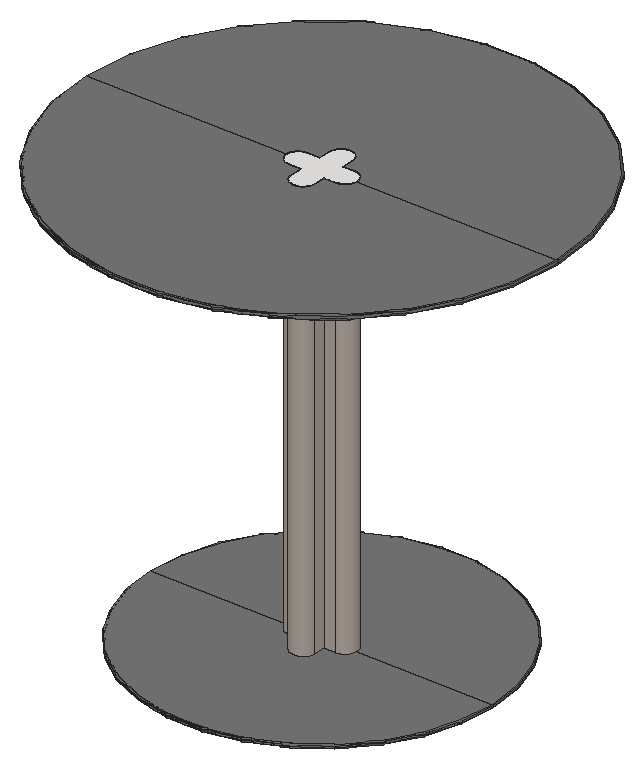
Revit family "Patch +", category Furniture, Revit 2015
Parameters
  Weight = 11.80 kg  # constant formula
  URL = "http://www.loookindustries.com/en/component/djcatalog2/item/1-default/16-area"
  Sign Colour [instance] = RAL 120-1 Effect - White
  Model = "Patch +"  # constant formula
  Manufacturer = "Loook Industries Ltd."  # constant formula
  Main Colour [instance] = RAL 790-4 Effect - Black
  Keynote = "5111"
  Height = 500 mm  # constant formula
  Diameter = 550 mm  # constant formula
  Design by = "IVAR GESTRANIUS & KEVIN LAHTINEN"  # constant formula
  BIM Author = "Mika Leinonen - mikaleinonen@outlook.com"  # constant formula
Reference planes
  plane 1 "Center (Front/Back)": y = 0
  plane 2 "Bottom": z = 0
  plane 3 "Center (Left/Right)": x = 0
  plane 4 "Front": y = -275
  plane 5 "Left": x = -275
  plane 6 "Back": y = 275
  plane 7 "Right": x = 275
  plane 8 "Top": z = 500
  plane 9 "Center (Elevation)": z = 250
Dimensions and locks
  equal spacing: plane 5 "Left", plane 3 "Center (Left/Right)", plane 7 "Right"
  equal spacing: plane 6 "Back", plane 1 "Center (Front/Back)", plane 4 "Front"
  "Diameter": plane 5 "Left" to plane 7 "Right"
  "Diameter": plane 6 "Back" to plane 4 "Front"
  equal spacing: plane 8 "Top", plane 9 "Center (Elevation)", plane 2 "Bottom"
  "Height": plane 8 "Top" to plane 2 "Bottom"
  aligned and locked: level to plane 2 "Bottom"
  aligned and locked: plane 3 "Center (Left/Right)" to nested 1
  aligned and locked: plane 1 "Center (Front/Back)" to nested 1
  aligned and locked: plane 1 "Center (Front/Back)" to nested 2
  aligned and locked: plane 3 "Center (Left/Right)" to nested 2
  aligned and locked: plane 8 "Top" to nested 2
Nested families
  nested 1: "Patch - Table Base +" at (0, 0, 0), Main Colour <- "Main Colour", Sign Colour <- "Sign Colour", type "Patch - Table Base +"
    with Sign Colour RAL 120-1 Effect - White, Main Colour RAL 790-4 Effect - Black
  nested 2: "Patch - Table Top +" at (0, 0, 495), Colour <- "Main Colour", type "Patch - Table Top +"
    with Colour RAL 790-4 Effect - Black
Definition of nested family "Patch - Table Base +"
  Parameters (values of type "Patch - Table Base +")
    Sign Colour [instance] = none
    Manufacturer = "Loook Industries Ltd."
    Main Colour [instance] = none
    Height = 500 mm  # constant formula
    Diameter = 400 mm  # constant formula
    Design by = "IVAR GESTRANIUS & KEVIN LAHTINEN"  # constant formula
    BIM Author = "Mika Leinonen - mikaleinonen@outlook.com"  # constant formula
  Reference planes
    plane 1 "Center (Front/Back)": y = 0
    plane 2 "Bottom": z = 0
    plane 3 "Center (Left/Right)": x = 0
    plane 4 "Front": y = -200
    plane 5 "Left": x = -200
    plane 6 "Back": y = 200
    plane 7 "Right": x = 200
    plane 8 "Top": z = 500
    plane 9 "Center (Elevation)": z = 250
    plane 10: z = 5
    plane 11: z = 9
    plane 12: z = 500
  Forms (mm)
    Revolve 1, solid
      sketch origin (0, 0, 0) x (1, 0, 0) y (0, 0, 1)
        loop
          line (0, 9) -> (-199, 9)
          arc (-199, 9) -> (-199.707, 8.707) -> (-200, 8) r 1
          line (-200, 8) -> (-200, 6)
          arc (-200, 6) -> (-199.707, 5.293) -> (-199, 5) r 1
          line (-199, 5) -> (0, 5) -> (0, 9)
        axis (0, 9) -> (0, 5)
      angle from 0 to 360
    Blend 2, solid
      base sketch origin (0, 0, 0) x (1, 0, 0) y (0, 1, 0)
        loop
          circle (0, -155) r 12.5
      top sketch origin (0, 0, 0) x (1, 0, 0) y (0, 1, 0)
        loop
          circle (0, -155) r 17.5
      from 0 to 5
    Blend 3, solid
      base sketch origin (0, 0, 0) x (0, 1, 0) y (-1, 0, 0)
        loop
          circle (0, 155) r 12.5
      top sketch origin (0, 0, 0) x (0, 1, 0) y (-1, 0, 0)
        loop
          circle (0, 155) r 17.5
      from 0 to 5
    Blend 4, solid
      base sketch origin (0, 0, 0) x (0, 1, 0) y (-1, 0, 0)
        loop
          circle (0, -155) r 12.5
      top sketch origin (0, 0, 0) x (0, 1, 0) y (-1, 0, 0)
        loop
          circle (0, -155) r 17.5
      from 0 to 5
    Blend 5, solid
      base sketch origin (0, 0, 0) x (1, 0, 0) y (0, 1, 0)
        loop
          circle (0, 155) r 12.5
      top sketch origin (0, 0, 0) x (1, 0, 0) y (0, 1, 0)
        loop
          circle (0, 155) r 17.5
      from 0 to 5
    Extrusion 6, solid
      sketch origin (0, 0, 0) x (1, 0, 0) y (0, 1, 0)
        loop
          arc (-27.5, 13.5) -> (-41, 0) -> (-27.5, -13.5) r 13.5
          line (-27.5, -13.5) -> (-13.5, -13.5) -> (-13.5, -27.5)
          arc (-13.5, -27.5) -> (0, -41) -> (13.5, -27.5) r 13.5
          line (13.5, -27.5) -> (13.5, -13.5) -> (27.5, -13.5)
          arc (27.5, -13.5) -> (41, 0) -> (27.5, 13.5) r 13.5
          line (27.5, 13.5) -> (13.5, 13.5) -> (13.5, 27.5)
          arc (13.5, 27.5) -> (0, 41) -> (-13.5, 27.5) r 13.5
          line (-13.5, 27.5) -> (-13.5, 13.5) -> (-27.5, 13.5)
      from 9 to 500
  Dimensions and locks
    equal spacing: plane 5 "Left", plane 3 "Center (Left/Right)", plane 7 "Right"
    equal spacing: plane 6 "Back", plane 1 "Center (Front/Back)", plane 4 "Front"
    "Diameter": plane 5 "Left" to plane 7 "Right"
    "Diameter": plane 6 "Back" to plane 4 "Front"
    equal spacing: plane 8 "Top", plane 9 "Center (Elevation)", plane 2 "Bottom"
    locked: plane 10 to plane 2 "Bottom" at 5
    plane 11 to plane 2 "Bottom" = 9 mm
    "Height": plane 8 "Top" to plane 2 "Bottom"
    aligned and locked: level to plane 2 "Bottom"
    aligned and locked: plane 12 to Extrusion 6
  Automatic sketch dimensions
    plane 5 "Left" to Revolve 1 sketch curve = 0 mm
    Revolve 1 sketch curve to plane 8 "Top" = 491 mm  (x2)
    Revolve 1 sketch curve to plane 10 = 0 mm
    Revolve 1 sketch curve to plane 3 "Center (Left/Right)" = 0 mm  (x2)
    level to Revolve 1 sketch curve = 5 mm
    Revolve 1 sketch curve to plane 5 "Left" = 1 mm  (x2)
    Blend 2 sketch curve to plane 3 "Center (Left/Right)" = 0 mm  (x2)
    Blend 2 sketch curve to plane 4 "Front" = 45 mm  (x2)
    plane 1 "Center (Front/Back)" to Blend 3 sketch curve = 0 mm  (x2)
    plane 5 "Left" to Blend 3 sketch curve = 45 mm  (x2)
    plane 1 "Center (Front/Back)" to Blend 4 sketch curve = 0 mm  (x2)
    Blend 4 sketch curve to plane 7 "Right" = 45 mm  (x2)
    Blend 5 sketch curve to plane 3 "Center (Left/Right)" = 0 mm  (x2)
    plane 6 "Back" to Blend 5 sketch curve = 45 mm  (x2)
    plane 1 "Center (Front/Back)" to Extrusion 6 sketch curve = 0 mm  (x2)
    Extrusion 6 sketch curve to plane 3 "Center (Left/Right)" = 0 mm  (x2)
    Extrusion 6 sketch curve to plane 3 "Center (Left/Right)" = 13.5 mm  (x2)
    Extrusion 6 sketch curve to Extrusion 6 sketch curve = 14 mm  (x5)
    Extrusion 6 sketch curve to Extrusion 6 sketch curve = 13.5 mm
    radius of Blend 2 sketch curve = 12.5 mm
    radius of Blend 2 sketch curve = 17.5 mm
    radius of Blend 3 sketch curve = 12.5 mm
    radius of Blend 3 sketch curve = 17.5 mm
    radius of Blend 4 sketch curve = 12.5 mm
    radius of Blend 4 sketch curve = 17.5 mm
    radius of Blend 5 sketch curve = 12.5 mm
    radius of Blend 5 sketch curve = 17.5 mm
Definition of nested family "Patch - Table Top +"
  Parameters (values of type "Patch - Table Top +")
    Manufacturer = "Loook Industries Ltd."
    Height = 5 mm  # constant formula
    Diameter = 550 mm  # constant formula
    Design by = "IVAR GESTRANIUS & KEVIN LAHTINEN"  # constant formula
    Colour [instance] = none
    BIM Author = "Mika Leinonen - mikaleinonen@outlook.com"  # constant formula
  Reference planes
    plane 1 "Center (Front/Back)": y = 0
    plane 2 "Bottom": z = 0
    plane 3 "Center (Left/Right)": x = 0
    plane 4 "Front": y = -275
    plane 5 "Left": x = -275
    plane 6 "Back": y = 275
    plane 7 "Right": x = 275
    plane 8 "Top": z = 5
    plane 9 "Center (Elevation)": z = 2.5
    plane 10: z = 500
  Forms (mm)
    Revolve 1, solid
      sketch origin (0, 0, 0) x (1, 0, 0) y (0, 0, 1)
        loop
          line (0, 0) -> (0, 5) -> (-274, 5)
          arc (-274, 5) -> (-274.707, 4.707) -> (-275, 4) r 1
          line (-275, 4) -> (-275, 1)
          arc (-275, 1) -> (-274.707, 0.293) -> (-274, 0) r 1
          line (-274, 0) -> (0, 0)
        axis (0, 0) -> (0, 5)
      angle from 0 to 360
    Extrusion 2, void
      sketch origin (0, 0, 5) x (-1, 0, 0) y (0, -1, 0)
        loop
          arc (27.5, -13.5) -> (41, 0) -> (27.5, 13.5) r 13.5
          line (27.5, 13.5) -> (13.5, 13.5) -> (13.5, 27.5)
          arc (13.5, 27.5) -> (0, 41) -> (-13.5, 27.5) r 13.5
          line (-13.5, 27.5) -> (-13.5, 13.5) -> (-27.5, 13.5)
          arc (-27.5, 13.5) -> (-41, 0) -> (-27.5, -13.5) r 13.5
          line (-27.5, -13.5) -> (-13.5, -13.5) -> (-13.5, -27.5)
          arc (-13.5, -27.5) -> (0, -41) -> (13.5, -27.5) r 13.5
          line (13.5, -27.5) -> (13.5, -13.5) -> (27.5, -13.5)
      from -5 to 0
  Cuts and joins
    Extrusion 2 cuts Revolve 1
  Lines and regions (mm)
    Masking region 1
      outline origin (0, 0, 5) x (-1, 0, 0) y (0, -1, 0)
        loop
          circle (0, 0) r 275
    symbolic lines
      curve 1: arc (275, 0, 5) -> (0, 275, 5) -> (-275, 0, 5) r 275
      curve 2: arc (-275, 0, 5) -> (0, -275, 5) -> (275, 0, 5) r 275
      curve 3: arc (-27.5, 13.5, 5) -> (-41, 0, 5) -> (-27.5, -13.5, 5) r 13.5
      curve 4: arc (27.5, -13.5, 5) -> (41, 0, 5) -> (27.5, 13.5, 5) r 13.5
      curve 5: arc (-27.5, 13.5, 5) -> (-41, 0, 5) -> (-27.5, -13.5, 5) r 13.5
      curve 6: arc (27.5, -13.5, 5) -> (41, 0, 5) -> (27.5, 13.5, 5) r 13.5
      curve 7: arc (275, 0, 5) -> (0, 275, 5) -> (-275, 0, 5) r 275
      curve 8: arc (-275, 0, 5) -> (0, -275, 5) -> (275, 0, 5) r 275
      curve 9: arc (13.5, 27.5, 5) -> (0, 41, 5) -> (-13.5, 27.5, 5) r 13.5
      curve 10: arc (-13.5, -27.5, 5) -> (0, -41, 5) -> (13.5, -27.5, 5) r 13.5
      curve 11: line (13.5, -27.5, 5) -> (13.5, -13.5, 5)
      curve 12: line (13.5, -13.5, 5) -> (27.5, -13.5, 5)
      curve 13: line (27.5, 13.5, 5) -> (13.5, 13.5, 5)
      curve 14: line (13.5, 13.5, 5) -> (13.5, 27.5, 5)
      curve 15: line (-13.5, 27.5, 5) -> (-13.5, 13.5, 5)
      curve 16: line (-13.5, 13.5, 5) -> (-27.5, 13.5, 5)
      curve 17: line (-27.5, -13.5, 5) -> (-13.5, -13.5, 5)
      curve 18: line (-13.5, -13.5, 5) -> (-13.5, -27.5, 5)
      curve 19: arc (13.5, 27.5, 5) -> (0, 41, 5) -> (-13.5, 27.5, 5) r 13.5
      curve 20: arc (-13.5, -27.5, 5) -> (0, -41, 5) -> (13.5, -27.5, 5) r 13.5
      curve 21: line (13.5, -27.5, 5) -> (13.5, -13.5, 5)
      curve 22: line (-13.5, -13.5, 5) -> (-13.5, -27.5, 5)
      curve 23: line (-27.5, -13.5, 5) -> (-13.5, -13.5, 5)
      curve 24: line (13.5, -13.5, 5) -> (27.5, -13.5, 5)
      curve 25: line (27.5, 13.5, 5) -> (13.5, 13.5, 5)
      curve 26: line (13.5, 13.5, 5) -> (13.5, 27.5, 5)
      curve 27: line (-13.5, 27.5, 5) -> (-13.5, 13.5, 5)
      curve 28: line (-13.5, 13.5, 5) -> (-27.5, 13.5, 5)
  Dimensions and locks
    equal spacing: plane 5 "Left", plane 3 "Center (Left/Right)", plane 7 "Right"
    equal spacing: plane 6 "Back", plane 1 "Center (Front/Back)", plane 4 "Front"
    "Diameter": plane 5 "Left" to plane 7 "Right"
    "Diameter": plane 6 "Back" to plane 4 "Front"
    equal spacing: plane 8 "Top", plane 9 "Center (Elevation)", plane 2 "Bottom"
    "Height": plane 8 "Top" to plane 2 "Bottom"
    aligned and locked: level to plane 2 "Bottom"
    aligned and locked: Extrusion 2 to level
    aligned and locked: plane 8 "Top" to Extrusion 2
  Automatic sketch dimensions
    plane 5 "Left" to Revolve 1 sketch curve = 0 mm
    Revolve 1 sketch curve to plane 8 "Top" = 0 mm  (x2)
    Revolve 1 sketch curve to level = 0 mm  (x2)
    Revolve 1 sketch curve to plane 3 "Center (Left/Right)" = 0 mm  (x2)
    Revolve 1 sketch curve to Revolve 1 sketch curve = 1 mm
    Revolve 1 sketch curve to plane 5 "Left" = 1 mm
    plane 1 "Center (Front/Back)" to Masking region 1 sketch curve = 0 mm
    Masking region 1 sketch curve to plane 3 "Center (Left/Right)" = 0 mm
    curve 1 to plane 7 "Right" = 0 mm
    curve 2 to plane 3 "Center (Left/Right)" = 0 mm
    plane 1 "Center (Front/Back)" to curve 4 = 0 mm
    curve 5 to plane 3 "Center (Left/Right)" = 27.5 mm
    curve 6 to curve 1 = 27.5 mm
    plane 1 "Center (Front/Back)" to curve 8 = 0 mm
    plane 1 "Center (Front/Back)" to Extrusion 2 sketch curve = 0 mm  (x2)
    Extrusion 2 sketch curve to plane 3 "Center (Left/Right)" = 0 mm  (x2)
    plane 3 "Center (Left/Right)" to Extrusion 2 sketch curve = 27.5 mm
    Extrusion 2 sketch curve to plane 3 "Center (Left/Right)" = 13.5 mm  (x2)
    Extrusion 2 sketch curve to Extrusion 2 sketch curve = 14 mm  (x3)
    Extrusion 2 sketch curve to Extrusion 2 sketch curve = 0 mm
    Extrusion 2 sketch curve to plane 1 "Center (Front/Back)" = 13.5 mm
    plane 1 "Center (Front/Back)" to curve 3 = 0 mm
    curve 10 to plane 3 "Center (Left/Right)" = 0 mm
    curve 9 to plane 3 "Center (Left/Right)" = 0 mm
    curve 9 to plane 1 "Center (Front/Back)" = 27.5 mm
    curve 6 to curve 11 = 14 mm
    curve 9 to curve 9 = 13.5 mm
    plane 1 "Center (Front/Back)" to curve 11 = 13.5 mm
    curve 15 to plane 1 "Center (Front/Back)" = 13.5 mm
    curve 17 to plane 3 "Center (Left/Right)" = 13.5 mm
    radius of Masking region 1 sketch curve = 275 mm
